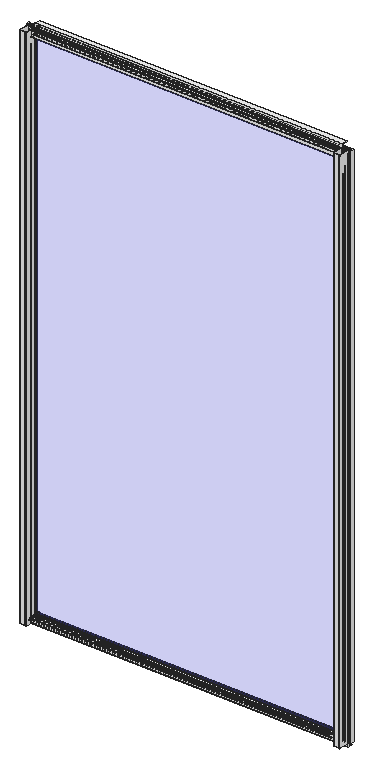
Revit family "Facade_60_Curtain_Wall_S11_Standard", category Windows, host Wall, Revit 2014
Parameters (values of type "F60-S11-3050-2000Pa")
  Windload Design [instance] = if(Custom Windload < 1001 mm, 1000 mm, if(Custom Windload < 1501 mm, 1500 mm, 2000 mm))  # 2000 mm
  Width [instance] = if(Custom Curtain Wall Width < Limit Door Width Min, Limit Door Width Min, if(Custom Curtain Wall Width > Limit Door Width Max, Limit Door Width Max, Custom Curtain Wall Width))  # 2990 mm
  Wall Thickness [instance] = 200 mm
  Vertical Profile Length [instance] = Height - Frame Bottom Gap  # 4960 mm
  URL = "http://www.crealco.co.za/crealco-products.php"
  Type Comments = ""
  Thermal Resistance (R) [instance] = if(IGDB or SAGDB Number = 100100, 1.0000 (m²·K)/W / Intruderprufe U Value, if(IGDB or SAGDB Number = 100100, 1.0000 (m²·K)/W / Intruderprufe U Value, if(IGDB or SAGDB Number = 105003, 1.0000 (m²·K)/W / Intruderprufe Insulated U Value, if(IGDB or SAGDB Number = 105004, 1.0000 (m²·K)/W / Intruderprufe Insulated LowE U Value, 1.0000 (m²·K)/W / 7.9)))) * 1  # 0.126582 (m²·K)/W
  Thermal Break Material = Plastic, Opaque Black
  Solar Heat Gain Coefficient [instance] = if(IGDB or SAGDB Number = 100100, Intruderprufe SHGC Value, if(IGDB or SAGDB Number = 103200, Intruderprufe LowE SHGC Value, if(IGDB or SAGDB Number = 105003, Intruderprufe Insulated SHGC Value, if(IGDB or SAGDB Number = 105004, Intruderprufe Insulated LowE SHGC Value, 0))))  # 0
  Single Glazing [instance] = if(DG Forced, 1 = 0, not(Double Glazing))  # yes
  Sill Height = 85 mm  # constant formula
  SG Forced [instance] = not(DG Forced)  # yes
  Quarter Expansion Break = no
  Overall Width [instance] = 2990 mm
  Overall Height [instance] = 4990 mm
  Mullion Configuration = 1 mm
  Model = "Façade 60 "  # constant formula
  Max System DG Unit Thickness = 25 mm  # constant formula
  Max System DG One Piece Thickness [instance] = rounddown((Max System DG Unit Thickness - DG Gasket Thickness) / 2 mm) * 1 mm  # 6 mm
  Max Pane Area [instance] = Glazing Width * Glazing Height  # 14.2039 m²
  Manufacturer = "Crealco"  # constant formula
  Limit Door Width Min = Limit Panel Width Min + (2 * Glazing Side Gap)  # 379.6 mm
  Limit Door Width Max = Limit Panel Width Max + (2 * Glazing Side Gap)  # 3079.6 mm
  Limit Door Height Min = Limit Panel Height Min + Glazing Top Gap + Glazing Bottom Gap  # 409.6 mm
  Limit Door Height Max = Limit Panel Height Max + Glazing Top Gap + Glazing Bottom Gap  # 6109.6 mm
  Limit Panel Width Min = 300 mm  # constant formula
  Limit Panel Width Max = 3000 mm  # constant formula
  Limit Panel Height Min = 300 mm  # constant formula
  Limit Panel Height Max = 6000 mm  # constant formula
  Sill Length [instance] = Width  # 2990 mm
  Length Sill [instance] = Width  # 2990 mm
  Keynote = ""
  Jamb Width = 60 mm  # constant formula
  Intruderprufe U Value = 5.75
  Intruderprufe SHGC Value = 0.753
  Intruderprufe LowE U Value = 3.92
  Intruderprufe LowE SHGC Value = 0.659
  Intruderprufe Insulated U Value = 2.89
  Intruderprufe Insulated SHGC Value = 0.647
  Intruderprufe Insulated LowE U Value = 2.17
  Intruderprufe Insulated LowE SHGC Value = 0.583
  Horizontal Profile Length [instance] = Width - (2 * Jamb Width)  # 2870 mm
  Half Expansion Break = no
  Glazing Width [instance] = Horizontal Profile Length + (2 mm * 20.2)  # 2910.4 mm
  Glazing Top Gap = 39.8 mm  # constant formula
  Glazing Side Gap = 39.8 mm  # constant formula
  Glazing Height [instance] = Height - Glazing Top Gap - Glazing Bottom Gap  # 4880.4 mm
  Glazing Gap SG [instance] = (14 mm - SG Thickness) / 2  # 2 mm
  Glazing Gap DG [instance] = (28 mm - (DG Thickness + DG Thickness + DG Gasket Thickness)) / 2  # 2 mm
  Glazing Bottom Gap = 69.8 mm  # constant formula
  Frame Thickness = 101.8 mm  # constant formula
  Frame Bottom Gap = 30 mm  # constant formula
  Door Leaf Height [instance] = 2050 mm
  Double Glazing [instance] = no
  DG Thickness Calc [instance] = if(not(Max Pane Area > 1.125 m²), 4 mm, if(not(Max Pane Area > 2.25 m²), 4 mm, if(not(Max Pane Area > 3.15 m²), 5 mm, if(not(Max Pane Area > 4.35 m²), 6 mm, if(not(Max Pane Area > 6.45 m²), 8 mm, 10 mm)))))  # 10 mm
  DG Thickness [instance] = if(IGDB or SAGDB Number = 105003, 6 mm, if(IGDB or SAGDB Number = 105004, 7 mm, if(DG Thickness Calc > Max System DG One Piece Thickness, Max System DG One Piece Thickness, DG Thickness Calc)))  # 6 mm
  DG Gasket Thickness = 12 mm  # constant formula
  DG Gasket Finish [instance] = Double Glazing Gasket Material
  DG Forced [instance] = if(IGDB or SAGDB Number = 100100, 1 = 0, if(IGDB or SAGDB Number = 103200, 1 = 0, if(IGDB or SAGDB Number = 105003, 1 = 1, if(IGDB or SAGDB Number = 105004, 1 = 1, Double Glazing))))  # no
  IGDB or SAGDB Number [instance] = 0
  Height [instance] = if(Custom Curtain Wall Height < Limit Door Height Min, Limit Door Height Min, if(Custom Curtain Wall Height > Limit Door Height Max, Limit Door Height Max, Custom Curtain Wall Height))  # 4990 mm
  Heat Transfer Coefficient (U) [instance] = if(IGDB or SAGDB Number = 100100, Intruderprufe U Value, if(IGDB or SAGDB Number = 103200, Intruderprufe LowE U Value, if(IGDB or SAGDB Number = 105003, Intruderprufe Insulated U Value, if(IGDB or SAGDB Number = 105004, Intruderprufe Insulated LowE U Value, 7.9)))) * 1.0000 W/(m²·K)  # 7.9000 W/(m²·K)
  SG Thickness [instance] = if(IGDB or SAGDB Number = 100100, 6 mm, if(IGDB or SAGDB Number = 103200, 7 mm, if(not(Max Pane Area > 0.75 m²), 4 mm, if(not(Max Pane Area > 1.50 m²), 4 mm, if(not(Max Pane Area > 2.10 m²), 5 mm, if(not(Max Pane Area > 2.90 m²), 6.4 mm, if(not(Max Pane Area > 4.30 m²), 8 mm, 10 mm)))))))  # 10 mm
  Glazing Material [instance] = if(IGDB or SAGDB Number = 100100, "PFG INTRUDERPRUFE 6.38mm", if(IGDB or SAGDB Number = 103200, "PFG INTRUDERPRUFE LOW-E 7.38mm", if(IGDB or SAGDB Number = 105003, "PFG 25mm INTRUDERPRUFE INSULATED GLASS", if(IGDB or SAGDB Number = 105004, "PFG 25mm INTRUDERPRUFE INSULATED GLASS LOW-E", "Unknown"))))  # "Unknown"
  Glazing Finish [instance] = Glass
  Glazing Code [instance] = if(IGDB or SAGDB Number = 100100, "LAM01", if(IGDB or SAGDB Number = 103200, "LAM01E", if(IGDB or SAGDB Number = 105003, "IGU25", if(IGDB or SAGDB Number = 105004, "IGU25E", "Unknown"))))  # "Unknown"
  Frame Offset From Exterior [instance] = if(Centered In Wall, (Wall Thickness - Frame Thickness) / 2, Custom Offset From Exterior) + 5.9 mm  # 55 mm
  Description = "Curtain wall, S11  "  # constant formula
  Default Sill Height = 0 mm
  Wall Closure = By host
  Custom Curtain Wall Width = 2990 mm
  Custom Curtain Wall Height = 4990 mm
  Custom Windload = 2000 mm
  Custom Offset From Exterior = 0 mm
  Centered In Wall [instance] = 1 = 1  # yes
  Aluminium Finish [instance] = White Powder Coated Aluminium ANP 1052
  All Available Glazing Numbers [instance] = "The rows below list the available glazing materials for this window:"  # constant formula
  190mm Mullion = if(Mullion Configuration = 3 mm, 1 = 1, 1 = 0)  # no
  160mm Mullion = if(Mullion Configuration = 2 mm, 1 = 1, 1 = 0)  # no
  105004 [instance] = "IGU25E"  # constant formula
  105003 [instance] = "IGU25"  # constant formula
  103200 [instance] = "LAM01E"  # constant formula
  100mm Mullion = if(or(Mullion Configuration = 2 mm, Mullion Configuration = 3 mm), 1 = 0, 1 = 1)  # yes
  100100 [instance] = "LAM01"  # constant formula
Reference planes
  plane 1 "Center (Front/Back)": y = 0
  plane 2 "Center (Left/Right)": x = 0
  plane 3 "Left": x = -1495
  plane 4 "Right": x = 1495
  plane 5 "Sill": z = 0
  plane 6 "Head": z = 4990
  plane 7 "Exterior": y = 100
  plane 8 "Interior": y = -100
Lines and regions (mm)
  Opening 1
    outline origin (3507.082, -100, 0) x (1, 0, 0) y (0, 0, 1)
      loop
        line (-2012.082, 0) -> (-2012.082, 4990) -> (-5002.082, 4990) -> (-5002.082, 0) -> (-2012.082, 0)
Text (mm)
  text "EXTERIOR" at (-1963.203, 1332.353, 0), in view "Ref. Level"
  text "INTERIOR" at (-1981.466, -818.386, 0), in view "Ref. Level"
  text "Exterior" at (0, 923.751, 2943.296), in view "Right"
  text "Exterior" at (0, 1040.484, 2685.409), in view "Left"
Dimensions and locks
  equal spacing: plane 3 "Left", plane 2 "Center (Left/Right)", plane 4 "Right"
  "Width": plane 3 "Left" to plane 4 "Right"
  "Height": plane 5 "Sill" to plane 6 "Head"
  "Default Sill Height": plane 5 "Sill" to level
  locked: plane 7 "Exterior" to host wall at 0
  locked: plane 8 "Interior" to host wall
  "Overall Height": plane 6 "Head" to plane 5 "Sill"
  "Overall Width": plane 3 "Left" to plane 4 "Right"
  "Wall Thickness": host wall to host wall
  "Jamb Width": nested 3 to plane 4 "Right"
  "Jamb Width": nested 5 to plane 4 "Right"
  "Frame Bottom Gap": nested 5 to level
  "Frame Offset From Exterior": nested 1 to plane 7 "Exterior"
  "Glazing Side Gap": nested 6 to plane 4 "Right"
  "Glazing Top Gap": nested 6 to plane 6 "Head"
  "Glazing Gap SG": nested 6 to nested 1
  "Glazing Side Gap": nested 7 to plane 4 "Right"
  "Glazing Top Gap": nested 7 to plane 6 "Head"
  "Glazing Gap DG": nested 7 to nested 1
  locked: nested 1 to nested 5 at 8.887
  aligned and locked: plane 4 "Right" to nested 1
  aligned and locked: nested 1 to plane 6 "Head"
  aligned and locked: plane 3 "Left" to nested 2
  aligned and locked: plane 6 "Head" to nested 2
  aligned and locked: nested 3 to plane 6 "Head"
  aligned and locked: nested 1 to nested 3
  aligned and locked: nested 4 to level
  aligned and locked: plane 4 "Right" to nested 4
  aligned and locked: nested 1 to nested 2
  aligned and locked: nested 5 to nested 4
Automatic sketch dimensions
  plane 3 "Left" to Opening 1 sketch curve = 0 mm
  plane 4 "Right" to Opening 1 sketch curve = 0 mm
  Opening 1 sketch curve to plane 5 "Sill" = 0 mm
  Opening 1 sketch curve to plane 6 "Head" = 0 mm
Nested families
  nested 1: "F60 Vertical Profile Side_S11_Std" at (1495, -1.058, 30) x (-1, 0, 0) z (0, 0, 1), Thermal Break Material <- "Thermal Break Material", Profile Material <- "Aluminium Finish", Length <- "Vertical Profile Length", Single Glazing <- "SG Forced", Double Glazing <- "DG Forced", 100mm Mullion <- "100mm Mullion", 160mm Mullion <- "160mm Mullion", 190mm Mullion <- "190mm Mullion", Quarter Expansion Break <- "Quarter Expansion Break", Half Expansion Break <- "Half Expansion Break", type "F60 Vertical Profile Side_S11_Std"
    with Thermal Break Material Plastic, Opaque Black, Single Glazing yes, Quarter SG Expansion Break no, Quarter Length 1240 mm, Quarter Expansion Break no, Quarter DG Expansion Break no, Quarter 190mm Expansion Break no, Quarter 160mm Expansion Break no, Quarter 100mm Expansion Break no, Profile Material White Powder Coated Aluminium ANP 1052, Length 4960 mm, Half SG Expansion Break no, Half Length 2480 mm, Half Expansion Break no, Half DG Expansion Break no, Half 190mm Expansion Joint no, Half 160mm Expansion Break no, Half 100mm Expansion Break no, Double Glazing no, 190mm Mullion no, 160mm Mullion no, 100mm Mullion yes
  nested 2: "F60 Vertical Profile Side_S11_Std" at (-1495, -1.058, 30), Thermal Break Material <- "Thermal Break Material", Profile Material <- "Aluminium Finish", Length <- "Vertical Profile Length", Single Glazing <- "SG Forced", Double Glazing <- "DG Forced", 100mm Mullion <- "100mm Mullion", 160mm Mullion <- "160mm Mullion", 190mm Mullion <- "190mm Mullion", Quarter Expansion Break <- "Quarter Expansion Break", Half Expansion Break <- "Half Expansion Break", type "F60 Vertical Profile Side_S11_Std"
    with Thermal Break Material Plastic, Opaque Black, Single Glazing yes, Quarter SG Expansion Break no, Quarter Length 1240 mm, Quarter Expansion Break no, Quarter DG Expansion Break no, Quarter 190mm Expansion Break no, Quarter 160mm Expansion Break no, Quarter 100mm Expansion Break no, Profile Material White Powder Coated Aluminium ANP 1052, Length 4960 mm, Half SG Expansion Break no, Half Length 2480 mm, Half Expansion Break no, Half DG Expansion Break no, Half 190mm Expansion Joint no, Half 160mm Expansion Break no, Half 100mm Expansion Break no, Double Glazing no, 190mm Mullion no, 160mm Mullion no, 100mm Mullion yes
  nested 3: "F60 Horizontal Profile Top_S11_Std" at (1435, -50.858, 4930) x (-1, 0, 0) z (0, 0, 1), Thermal Break Material <- "Thermal Break Material", Profile Material <- "Aluminium Finish", Length <- "Horizontal Profile Length", Single Glazing <- "SG Forced", Double Glazing <- "DG Forced", type "F60 Horizontal Profile Top_S11_Std"
    with Thermal Break Material Plastic, Opaque Black, Single Glazing yes, Profile Material White Powder Coated Aluminium ANP 1052, Length 2870 mm, Double Glazing no
  nested 4: "F60 Sill_S11_Std" at (1495, -13.486, -1.88) x (-1, 0, 0) z (0, 0, 1), Profile Material <- "Aluminium Finish", Length Sill <- "Length Sill", type "F60 Sill_S11_Std"
    with Profile Material White Powder Coated Aluminium ANP 1052, Length Sill 2990 mm
  nested 5: "F60 Horizontal Profile Bottom_S11_Std" at (1435, -50.858, 30) x (-1, 0, 0) z (0, 0, 1), Thermal Break Material <- "Thermal Break Material", Profile Material <- "Aluminium Finish", Length <- "Horizontal Profile Length", Single Glazing <- "SG Forced", Double Glazing <- "DG Forced", type "F60 Horizontal Profile Bottom_S11_Std"
    with Thermal Break Material Plastic, Opaque Black, Single Glazing yes, Profile Material White Powder Coated Aluminium ANP 1052, Length 2870 mm, Double Glazing no
  nested 6: "F60_Single_Glazing_S11_Std" at (1455.2, 10.942, 69.8), Glazing Width <- "Glazing Width", Glazing Height <- "Glazing Height", SG Thickness <- "SG Thickness", Glazing Finish <- "Glazing Finish", visible <- "SG Forced", type "F60_Single_Glazing_S11_Std"
    with SG Thickness 10 mm, Glazing Width 2910.4 mm, Glazing Height 4880.4 mm, Glazing Finish Glass
  nested 7: "F60_Double_Glazing_S11_Std" at (1455.2, 24.942, 69.8), Glazing Material <- "Glazing Finish", Double Glazing Gasket Material <- "DG Gasket Finish", Glazing Width <- "Glazing Width", Glazing Height <- "Glazing Height", Glazing Thickness DG <- "DG Thickness", Double Glazing Gasket Thickness <- "DG Gasket Thickness", visible <- "DG Forced", type "F60_Double_Glazing_S11_Std"
    with Glazing Width 2910.4 mm, Glazing Thickness DG 6 mm, Glazing Material Glass, Glazing Height 4880.4 mm, Double Glazing Gasket Thickness 12 mm, Double Glazing Gasket Material Double Glazing Gasket Material
Definition of nested family "F60 Vertical Profile Side_S11_Std"
  Parameters (values of type "F60 Vertical Profile Side")
    Quarter SG Expansion Break [instance] = if(and(Quarter Expansion Break, Single Glazing), 1 = 1, 1 = 0)  # yes
    Quarter Length [instance] = Length / 4  # 62.5 mm
    Thermal Break Material [instance] = none
    Single Glazing [instance] = yes
    Quarter Expansion Break [instance] = yes
    Quarter DG Expansion Break [instance] = if(and(Quarter Expansion Break, Double Glazing), 1 = 1, 1 = 0)  # yes
    Quarter 190mm Expansion Break [instance] = if(and(Quarter Expansion Break, [190mm Mullion]), 1 = 1, 1 = 0)  # yes
    Quarter 160mm Expansion Break [instance] = if(and(Quarter Expansion Break, [160mm Mullion]), 1 = 1, 1 = 0)  # yes
    Quarter 100mm Expansion Break [instance] = if(and(Quarter Expansion Break, [100mm Mullion]), 1 = 1, 1 = 0)  # yes
    Profile Material [instance] = none
    Length [instance] = 250 mm
    Half SG Expansion Break [instance] = if(and(Half Expansion Break, Single Glazing), 1 = 1, 1 = 0)  # yes
    Half Length [instance] = Length / 2  # 125 mm
    Half Expansion Break [instance] = yes
    Half DG Expansion Break [instance] = if(and(Half Expansion Break, Double Glazing), 1 = 1, 1 = 0)  # yes
    Half 190mm Expansion Joint [instance] = if(and(Half Expansion Break, [190mm Mullion]), 1 = 1, 1 = 0)  # yes
    Half 160mm Expansion Break [instance] = if(and(Half Expansion Break, [160mm Mullion]), 1 = 1, 1 = 0)  # yes
    Half 100mm Expansion Break [instance] = if(and(Half Expansion Break, [100mm Mullion]), 1 = 1, 1 = 0)  # yes
    Double Glazing [instance] = yes
    190mm Mullion [instance] = yes
    160mm Mullion [instance] = yes
    100mm Mullion [instance] = yes
  Reference planes
    plane 1 "Center (Front/Back)": y = 0
    plane 2: z = 0
    plane 3 "Center (Left/Right)": x = 0
  Forms (mm)
    Extrusion 1, solid, material <- "Profile Material"
      sketch origin (0, 0, 0) x (1, 0, 0) y (0, 1, 0)
        loop
          arc (25.249, -8.7) -> (25.484, -9.266) -> (26.049, -9.5) r 0.8
          line (26.049, -9.5) -> (27.1, -9.5) -> (27.1, 7) -> (32.902, 7) -> (32.902, -9.5) -> (33.951, -9.5)
          arc (33.951, -9.5) -> (34.516, -9.266) -> (34.751, -8.7) r 0.8
          line (34.751, -8.7) -> (34.751, 6.2)
          arc (34.751, 6.2) -> (34.985, 6.766) -> (35.551, 7) r 0.8
          line (35.551, 7) -> (52.1, 7) -> (52.1, 5.4) -> (50.55, 5.4) -> (50.55, 4.55)
          arc (50.55, 4.55) -> (50.726, 4.126) -> (51.15, 3.95) r 0.6
          line (51.15, 3.95) -> (52.1, 3.95) -> (52.1, 1)
          arc (52.1, 1) -> (51.6, 0.5) -> (52.1, 0) r 0.5
          line (52.1, 0) -> (54.45, 0) -> (54.45, 1.15) -> (53.3, 1.15) -> (53.3, 2.45) -> (58.8, 2.45) -> (58.8, 1.15) -> (57.65, 1.15) -> (57.65, 0) -> (59.5, 0)
          arc (59.5, 0) -> (59.854, 0.146) -> (60, 0.5) r 0.5
          line (60, 0.5) -> (60, 3.9) -> (53.55, 3.9) -> (53.55, 7.6)
          arc (53.55, 7.6) -> (53.316, 8.166) -> (52.75, 8.4) r 0.8
          line (52.75, 8.4) -> (30, 8.4) -> (7.25, 8.4)
          arc (7.25, 8.4) -> (6.684, 8.166) -> (6.45, 7.6) r 0.8
          line (6.45, 7.6) -> (6.45, 3.9) -> (0, 3.9) -> (0, 0.5)
          arc (0, 0.5) -> (0.146, 0.146) -> (0.5, 0) r 0.5
          line (0.5, 0) -> (2.35, 0) -> (2.35, 1.15) -> (1.2, 1.15) -> (1.2, 2.45) -> (6.7, 2.45) -> (6.7, 1.15) -> (5.55, 1.15) -> (5.55, 0) -> (7.9, 0)
          arc (7.9, 0) -> (8.4, 0.5) -> (7.9, 1) r 0.5
          line (7.9, 1) -> (7.9, 3.95) -> (8.85, 3.95)
          arc (8.85, 3.95) -> (9.274, 4.126) -> (9.45, 4.55) r 0.6
          line (9.45, 4.55) -> (9.45, 5.4) -> (7.9, 5.4) -> (7.9, 7) -> (24.449, 7)
          arc (24.449, 7) -> (25.015, 6.766) -> (25.249, 6.2) r 0.8
          line (25.249, 6.2) -> (25.249, -8.7)
      from 0 to 250 <- "Length"
    Extrusion 2, solid, material <- "Thermal Break Material"
      sketch origin (0, 0, 0) x (1, 0, 0) y (0, 1, 0)
        loop
          line (1.75, 9.8) -> (1.75, 5.2) -> (0, 5.2) -> (0, 3.9) -> (6.35, 3.9) -> (6.35, 7.856)
          arc (6.35, 7.856) -> (6.526, 8.281) -> (6.95, 8.456) r 0.6
          line (6.95, 8.456) -> (30, 8.456) -> (53.05, 8.456)
          arc (53.05, 8.456) -> (53.474, 8.281) -> (53.65, 7.856) r 0.6
          line (53.65, 7.856) -> (53.65, 3.9) -> (60, 3.9) -> (60, 5.2) -> (58.25, 5.2) -> (58.25, 9.8) -> (30, 9.8) -> (1.75, 9.8)
      from 0 to 250 <- "Length"
    Extrusion 3, solid, material <- "Thermal Break Material", visible <- "Single Glazing"
      sketch origin (0, 0, 0) x (1, 0, 0) y (0, 1, 0)
        loop
          line (25.749, -14.011) -> (27.672, -14.011) -> (28.481, -12.611) -> (31.518, -12.611) -> (32.327, -14.011) -> (34.249, -14.011)
          arc (34.249, -14.011) -> (34.603, -13.864) -> (34.749, -13.511) r 0.5
          line (34.749, -13.511) -> (34.749, -10.011)
          arc (34.749, -10.011) -> (34.603, -9.657) -> (34.249, -9.511) r 0.5
          line (34.249, -9.511) -> (32.352, -9.511) -> (32.352, 0.19) -> (31.349, 2.261)
          arc (31.349, 2.261) -> (29.999, 2.986) -> (28.649, 2.261) r 1.62
          line (28.649, 2.261) -> (27.647, 0.19) -> (27.647, -9.511) -> (25.749, -9.511)
          arc (25.749, -9.511) -> (25.396, -9.657) -> (25.249, -10.011) r 0.5
          line (25.249, -10.011) -> (25.249, -13.511)
          arc (25.249, -13.511) -> (25.396, -13.864) -> (25.749, -14.011) r 0.5
        loop
          line (28.504, -10.005) -> (28.504, -10.861)
          arc (28.504, -10.861) -> (28.651, -11.214) -> (29.004, -11.361) r 0.5
          line (29.004, -11.361) -> (30.994, -11.361)
          arc (30.994, -11.361) -> (31.348, -11.214) -> (31.494, -10.861) r 0.5
          line (31.494, -10.861) -> (31.494, -10.005) -> (30.708, -9.219)
          arc (30.708, -9.219) -> (30.383, -9.001) -> (29.999, -8.924) r 1.007
          arc (29.999, -8.924) -> (29.616, -8.999) -> (29.292, -9.217) r 0.986
          line (29.292, -9.217) -> (28.504, -10.005)
        loop
          arc (30.896, 1.935) -> (29.887, 2.44) -> (29.005, 1.735) r 1.047
          line (29.005, 1.735) -> (28.347, 0.374) -> (28.347, -6.993)
          arc (28.347, -6.993) -> (28.583, -7.417) -> (29.068, -7.441) r 0.5
          arc (29.068, -7.441) -> (29.999, -7.223) -> (30.93, -7.441) r 2.099
          arc (30.93, -7.441) -> (31.416, -7.417) -> (31.652, -6.993) r 0.5
          line (31.652, -6.993) -> (31.652, 0.374) -> (30.896, 1.935)
      from 0 to 250 <- "Length"
    Extrusion 4, solid, material <- "Profile Material", visible <- "Single Glazing"
      sketch origin (0, 0, 0) x (1, 0, 0) y (0, 1, 0)
        loop
          line (52.693, -14.011) -> (32.327, -14.011) -> (31.519, -12.611) -> (28.481, -12.611) -> (27.673, -14.011) -> (7.307, -14.011) -> (7.307, -15.011) -> (8.457, -15.011) -> (8.457, -16.261) -> (2.957, -16.261) -> (2.957, -15.011) -> (4.107, -15.011) -> (4.107, -14.011) -> (1.707, -14.011)
          arc (1.707, -14.011) -> (1.199, -14.293) -> (1.168, -14.873) r 0.6
          line (1.168, -14.873) -> (2.093, -16.772) -> (1.015, -17.298) -> (1.484, -18.261) -> (11.488, -18.261)
          arc (11.488, -18.261) -> (11.913, -18.085) -> (12.088, -17.661) r 0.6
          line (12.088, -17.661) -> (12.088, -16.811) -> (47.912, -16.811) -> (47.912, -17.661)
          arc (47.912, -17.661) -> (48.088, -18.085) -> (48.512, -18.261) r 0.6
          line (48.512, -18.261) -> (58.518, -18.261) -> (58.987, -17.298) -> (57.908, -16.772) -> (58.834, -14.874)
          arc (58.834, -14.874) -> (58.802, -14.293) -> (58.293, -14.011) r 0.6
          line (58.293, -14.011) -> (55.893, -14.011) -> (55.893, -15.011) -> (57.043, -15.011) -> (57.043, -16.261) -> (51.543, -16.261) -> (51.543, -15.011) -> (52.693, -15.011) -> (52.693, -14.011)
      from 0 to 250 <- "Length"
    Extrusion 5, solid, material <- "Profile Material", visible <- "Single Glazing"
      sketch origin (0, 0, 0) x (1, 0, 0) y (0, 1, 0)
        loop
          line (2.801, -18.261) -> (1.484, -18.261) -> (1.015, -17.298) -> (2.093, -16.772) -> (0.779, -14.076)
          arc (0.779, -14.076) -> (0.239, -14.21) -> (0.001, -14.713) r 0.65
          line (0.001, -14.713) -> (0.001, -28.068)
          arc (0.001, -28.068) -> (1.172, -30.897) -> (4.001, -32.068) r 4
          line (4.001, -32.068) -> (30.001, -32.068) -> (56.001, -32.068)
          arc (56.001, -32.068) -> (58.829, -30.897) -> (60.001, -28.068) r 4
          line (60.001, -28.068) -> (60.001, -14.713)
          arc (60.001, -14.713) -> (59.763, -14.21) -> (59.223, -14.076) r 0.65
          line (59.223, -14.076) -> (57.908, -16.772) -> (58.987, -17.298) -> (58.518, -18.261) -> (57.201, -18.261)
          arc (57.201, -18.261) -> (56.83, -18.425) -> (56.703, -18.811) r 0.5
          arc (56.703, -18.811) -> (56.83, -19.196) -> (57.201, -19.361) r 0.5
          line (57.201, -19.361) -> (58.951, -19.361) -> (58.951, -27.968)
          arc (58.951, -27.968) -> (58.131, -29.948) -> (56.151, -30.768) r 2.8
          line (56.151, -30.768) -> (30.001, -30.768) -> (3.851, -30.768)
          arc (3.851, -30.768) -> (1.871, -29.948) -> (1.051, -27.968) r 2.8
          line (1.051, -27.968) -> (1.051, -19.361) -> (2.801, -19.361)
          arc (2.801, -19.361) -> (3.172, -19.196) -> (3.298, -18.811) r 0.5
          arc (3.298, -18.811) -> (3.172, -18.425) -> (2.801, -18.261) r 0.5
      from 0 to 250 <- "Length"
    Extrusion 6, solid, material <- "Profile Material", visible <- "100mm Mullion"
      sketch origin (0, 0, 0) x (1, 0, 0) y (0, 1, 0)
        loop
          line (14.02, 13) -> (45.98, 13)
          arc (45.98, 13) -> (46.539, 12.842) -> (46.917, 12.4) r 1
          arc (46.917, 12.4) -> (47.285, 11.963) -> (47.833, 11.8) r 1
          line (47.833, 11.8) -> (58.15, 11.8) -> (58.15, 96.3) -> (47.833, 96.3)
          arc (47.833, 96.3) -> (47.285, 96.137) -> (46.917, 95.7) r 1
          arc (46.917, 95.7) -> (46.548, 95.263) -> (46, 95.1) r 1
          line (46, 95.1) -> (14, 95.1)
          arc (14, 95.1) -> (13.452, 95.263) -> (13.083, 95.7) r 1
          arc (13.083, 95.7) -> (12.715, 96.137) -> (12.167, 96.3) r 1
          line (12.167, 96.3) -> (1.85, 96.3) -> (1.85, 11.8) -> (12.167, 11.8)
          arc (12.167, 11.8) -> (12.715, 11.963) -> (13.083, 12.4) r 1
          arc (13.083, 12.4) -> (13.461, 12.842) -> (14.02, 13) r 1
        loop
          line (1.65, 9.856) -> (58.35, 9.856) -> (58.35, 5.2) -> (60, 5.2) -> (60, 98.8)
          arc (60, 98.8) -> (59.707, 99.507) -> (59, 99.8) r 1
          line (59, 99.8) -> (1, 99.8)
          arc (1, 99.8) -> (0.293, 99.507) -> (0, 98.8) r 1
          line (0, 98.8) -> (0, 5.2) -> (1.65, 5.2) -> (1.65, 9.856)
      from 0 to 250 <- "Length"
    Extrusion 7, solid, material <- "Profile Material", visible <- "160mm Mullion"
      sketch origin (0, 0, 0) x (1, 0, 0) y (0, 1, 0)
        loop
          arc (2.35, 15.6) -> (2.526, 15.176) -> (2.95, 15) r 0.6
          line (2.95, 15) -> (57.05, 15)
          arc (57.05, 15) -> (57.474, 15.176) -> (57.65, 15.6) r 0.6
          line (57.65, 15.6) -> (57.65, 153.7)
          arc (57.65, 153.7) -> (57.474, 154.124) -> (57.05, 154.3) r 0.6
          line (57.05, 154.3) -> (47.833, 154.3)
          arc (47.833, 154.3) -> (47.285, 154.137) -> (46.917, 153.7) r 1
          arc (46.917, 153.7) -> (46.548, 153.263) -> (46, 153.1) r 1
          line (46, 153.1) -> (14, 153.1)
          arc (14, 153.1) -> (13.452, 153.263) -> (13.083, 153.7) r 1
          arc (13.083, 153.7) -> (12.715, 154.137) -> (12.167, 154.3) r 1
          line (12.167, 154.3) -> (2.95, 154.3)
          arc (2.95, 154.3) -> (2.526, 154.124) -> (2.35, 153.7) r 0.6
          line (2.35, 153.7) -> (2.35, 15.6)
        loop
          arc (1, 159.8) -> (0.293, 159.507) -> (0, 158.8) r 1
          line (0, 158.8) -> (0, 5.2) -> (1.65, 5.2) -> (1.65, 10.013) -> (58.35, 10.013) -> (58.35, 5.2) -> (60, 5.2) -> (60, 158.8)
          arc (60, 158.8) -> (59.707, 159.507) -> (59, 159.8) r 1
          line (59, 159.8) -> (1, 159.8)
      from 0 to 250 <- "Length"
    Extrusion 8, solid, material <- "Profile Material", visible <- "190mm Mullion"
      sketch origin (0, 0, 0) x (1, 0, 0) y (0, 1, 0)
        loop
          line (57.25, 15.1) -> (57.25, 178.3)
          arc (57.25, 178.3) -> (56.957, 179.007) -> (56.25, 179.3) r 1
          line (56.25, 179.3) -> (3.75, 179.3)
          arc (3.75, 179.3) -> (3.043, 179.007) -> (2.75, 178.3) r 1
          line (2.75, 178.3) -> (2.75, 15.1)
          arc (2.75, 15.1) -> (2.984, 14.534) -> (3.55, 14.3) r 0.8
          line (3.55, 14.3) -> (56.45, 14.3)
          arc (56.45, 14.3) -> (57.016, 14.534) -> (57.25, 15.1) r 0.8
        loop
          line (60, 5.2) -> (60, 188.8)
          arc (60, 188.8) -> (59.707, 189.507) -> (59, 189.8) r 1
          line (59, 189.8) -> (1, 189.8)
          arc (1, 189.8) -> (0.293, 189.507) -> (0, 188.8) r 1
          line (0, 188.8) -> (0, 5.2) -> (1.65, 5.2) -> (1.65, 9.856) -> (58.35, 9.856) -> (58.35, 5.2) -> (60, 5.2)
      from 0 to 250 <- "Length"
    Extrusion 9, solid, material <- "Thermal Break Material", visible <- "Double Glazing"
      sketch origin (0, 0, 0) x (1, 0, 0) y (0, 1, 0)
        loop
          line (27.672, -28) -> (28.48, -26.6) -> (31.518, -26.6) -> (32.326, -28) -> (34.249, -28)
          arc (34.249, -28) -> (34.603, -27.854) -> (34.749, -27.5) r 0.5
          line (34.749, -27.5) -> (34.749, -10)
          arc (34.749, -10) -> (34.603, -9.646) -> (34.249, -9.5) r 0.5
          line (34.249, -9.5) -> (32.352, -9.5) -> (32.352, 0.198) -> (31.348, 2.272)
          arc (31.348, 2.272) -> (29.998, 2.997) -> (28.648, 2.272) r 1.62
          line (28.648, 2.272) -> (27.645, 0.201) -> (27.645, -9.5) -> (25.749, -9.5)
          arc (25.749, -9.5) -> (25.396, -9.646) -> (25.249, -10) r 0.5
          line (25.249, -10) -> (25.249, -27.5)
          arc (25.249, -27.5) -> (25.396, -27.854) -> (25.749, -28) r 0.5
          line (25.749, -28) -> (27.672, -28)
        loop
          arc (30.706, -9.206) -> (30.382, -8.99) -> (29.999, -8.913) r 1.007
          arc (29.999, -8.913) -> (29.616, -8.988) -> (29.292, -9.206) r 0.986
          line (29.292, -9.206) -> (27.142, -11.356)
          arc (27.142, -11.356) -> (26.926, -11.68) -> (26.849, -12.063) r 1
          line (26.849, -12.063) -> (26.849, -24)
          arc (26.849, -24) -> (27.142, -24.707) -> (27.849, -25) r 1
          line (27.849, -25) -> (32.149, -25)
          arc (32.149, -25) -> (32.856, -24.707) -> (33.149, -24) r 1
          line (33.149, -24) -> (33.149, -12.063)
          arc (33.149, -12.063) -> (33.073, -11.68) -> (32.856, -11.356) r 1
          line (32.856, -11.356) -> (30.706, -9.206)
        loop
          arc (28.345, -6.982) -> (28.581, -7.407) -> (29.067, -7.43) r 0.5
          arc (29.067, -7.43) -> (29.998, -7.213) -> (30.929, -7.43) r 2.099
          arc (30.929, -7.43) -> (31.414, -7.407) -> (31.651, -6.982) r 0.5
          line (31.651, -6.982) -> (31.651, 0.385) -> (30.895, 1.946)
          arc (30.895, 1.946) -> (29.885, 2.45) -> (29.004, 1.745) r 1.047
          line (29.004, 1.745) -> (28.345, 0.385) -> (28.345, -6.982)
      from 0 to 250 <- "Length"
    Extrusion 10, solid, material <- "Profile Material", visible <- "Double Glazing"
      sketch origin (0, 0, 0) x (1, 0, 0) y (0, 1, 0)
        loop
          line (52.692, -28) -> (32.327, -28) -> (31.518, -26.6) -> (28.48, -26.6) -> (27.672, -28) -> (7.306, -28) -> (7.306, -29) -> (8.456, -29) -> (8.456, -30.25) -> (2.956, -30.25) -> (2.956, -29) -> (4.106, -29) -> (4.106, -28) -> (1.706, -28)
          arc (1.706, -28) -> (1.198, -28.282) -> (1.167, -28.863) r 0.6
          line (1.167, -28.863) -> (2.093, -30.762) -> (1.014, -31.288) -> (1.483, -32.25) -> (11.488, -32.25)
          arc (11.488, -32.25) -> (11.912, -32.074) -> (12.088, -31.65) r 0.6
          line (12.088, -31.65) -> (12.088, -30.8) -> (47.911, -30.8) -> (47.911, -31.65)
          arc (47.911, -31.65) -> (48.087, -32.074) -> (48.511, -32.25) r 0.6
          line (48.511, -32.25) -> (58.517, -32.25) -> (58.986, -31.288) -> (57.907, -30.762) -> (58.833, -28.864)
          arc (58.833, -28.864) -> (58.801, -28.282) -> (58.292, -28) r 0.6
          line (58.292, -28) -> (55.892, -28) -> (55.892, -29) -> (57.042, -29) -> (57.042, -30.25) -> (51.542, -30.25) -> (51.542, -29) -> (52.692, -29) -> (52.692, -28)
      from 0 to 250 <- "Length"
    Extrusion 11, solid, material <- "Profile Material", visible <- "Double Glazing"
      sketch origin (0, 0, 0) x (1, 0, 0) y (0, 1, 0)
        loop
          line (2.8, -32.25) -> (1.483, -32.25) -> (1.014, -31.288) -> (2.093, -30.762) -> (0.778, -28.065)
          arc (0.778, -28.065) -> (0.238, -28.2) -> (0, -28.702) r 0.65
          line (0, -28.702) -> (0, -42.058)
          arc (0, -42.058) -> (1.172, -44.886) -> (4, -46.058) r 4
          line (4, -46.058) -> (30, -46.058) -> (56, -46.058)
          arc (56, -46.058) -> (58.828, -44.886) -> (60, -42.058) r 4
          line (60, -42.058) -> (60, -28.702)
          arc (60, -28.702) -> (59.762, -28.2) -> (59.222, -28.065) r 0.65
          line (59.222, -28.065) -> (57.907, -30.762) -> (58.986, -31.288) -> (58.517, -32.25) -> (57.2, -32.25)
          arc (57.2, -32.25) -> (56.829, -32.415) -> (56.703, -32.8) r 0.5
          arc (56.703, -32.8) -> (56.829, -33.185) -> (57.2, -33.35) r 0.5
          line (57.2, -33.35) -> (58.95, -33.35) -> (58.95, -41.958)
          arc (58.95, -41.958) -> (58.13, -43.938) -> (56.15, -44.758) r 2.8
          line (56.15, -44.758) -> (30, -44.758) -> (3.85, -44.758)
          arc (3.85, -44.758) -> (1.87, -43.938) -> (1.05, -41.958) r 2.8
          line (1.05, -41.958) -> (1.05, -33.35) -> (2.8, -33.35)
          arc (2.8, -33.35) -> (3.171, -33.185) -> (3.297, -32.8) r 0.5
          arc (3.297, -32.8) -> (3.171, -32.415) -> (2.8, -32.25) r 0.5
      from 0 to 250 <- "Length"
    Extrusion 12, solid, material <- "Profile Material", visible <- "Single Glazing"
      sketch origin (0, 0, 0) x (1, 0, 0) y (0, 1, 0)
        loop
          line (10.403, -10.171) -> (10.403, -3.821) -> (-21.349, -3.821) -> (-21.349, -35.567) -> (-14.999, -35.567) -> (-14.999, -10.171) -> (10.403, -10.171)
      from 0 to 250 <- "Length"
    Extrusion 13, solid, material <- "Profile Material", visible <- "Double Glazing"
      sketch origin (0, 0, 0) x (1, 0, 0) y (0, 1, 0)
        loop
          line (10.402, -7.775) -> (10.402, -1.425) -> (-21.35, -1.425) -> (-21.35, -33.172) -> (-15, -33.172) -> (-15, -7.775) -> (10.402, -7.775)
      from 0 to 250 <- "Length"
    Extrusion 14, solid, material <- "Profile Material", visible <- "Double Glazing"
      sketch origin (0, 0, 0) x (1, 0, 0) y (0, 1, 0)
        loop
          line (12, -7.775) -> (0, -7.775) -> (0, -25.775) -> (12, -25.775) -> (12, -7.775)
        loop
          line (10.8, -8.975) -> (1.2, -8.975) -> (1.2, -24.575) -> (10.8, -24.575) -> (10.8, -8.975)
      from 0 to 250 <- "Length"
  Lines and regions (mm)
    model lines, style "GenericModelHiddenLines", visible <- "Half 100mm Expansion Break"
      curve 1: line (60, 5.2, 125) -> (60, 95.2, 125)
      curve 2: line (60, 99.8, 125) -> (0, 99.8, 125)
      curve 8: line (0, 5.2, 125) -> (0, 95.2, 125)
    model lines, style "GenericModelHiddenLines", visible <- "Quarter 100mm Expansion Break"
      curve 3: line (60, 5.2, 187.5) -> (60, 95.2, 187.5)
      curve 4: line (60, 5.2, 62.5) -> (60, 95.2, 62.5)
      curve 5: line (60, 99.8, 62.5) -> (0, 99.8, 62.5)
      curve 6: line (60, 99.8, 187.5) -> (0, 99.8, 187.5)
      curve 7: line (0, 5.2, 187.5) -> (0, 95.2, 187.5)
      curve 9: line (0, 5.2, 62.5) -> (0, 95.2, 62.5)
    model lines, style "GenericModelHiddenLines", visible <- "Half SG Expansion Break"
      curve 10: line (4.107, -32.068, 125) -> (55.893, -32.068, 125)
      curve 14: line (60.001, -14.011, 125) -> (60.001, -32.068, 125)
    model lines, style "GenericModelHiddenLines", visible <- "Quarter SG Expansion Break"
      curve 11: line (4.107, -32.068, 187.5) -> (56.703, -32.068, 187.5)
      curve 12: line (4.107, -32.068, 62.5) -> (56.703, -32.068, 62.5)
      curve 13: line (60.001, -14.011, 187.5) -> (60.001, -32.068, 187.5)
      curve 15: line (60.001, -14.011, 62.5) -> (60.001, -32.068, 62.5)
    model lines, style "GenericModelHiddenLines", visible <- "Quarter 160mm Expansion Break"
      curve 16: line (0, 5.2, 187.5) -> (0, 155.2, 187.5)
      curve 18: line (0, 5.2, 62.5) -> (0, 155.2, 62.5)
      curve 19: line (0, 159.8, 187.5) -> (60, 159.8, 187.5)
      curve 21: line (0, 159.8, 62.5) -> (60, 159.8, 62.5)
      curve 22: line (60, 5.2, 187.5) -> (60, 155.2, 187.5)
      curve 24: line (60, 5.2, 62.5) -> (60, 155.2, 62.5)
    model lines, style "GenericModelHiddenLines", visible <- "Half 160mm Expansion Break"
      curve 17: line (0, 5.2, 125) -> (0, 155.2, 125)
      curve 20: line (0, 159.8, 125) -> (60, 159.8, 125)
      curve 23: line (60, 5.2, 125) -> (60, 155.2, 125)
    model lines, style "GenericModelHiddenLines", visible <- "Quarter 190mm Expansion Break"
      curve 25: line (0, 5.2, 187.5) -> (0, 185.2, 187.5)
      curve 27: line (0, 5.2, 62.5) -> (0, 185.2, 62.5)
      curve 28: line (0.779, 189.8, 187.5) -> (59.222, 189.8, 187.5)
      curve 30: line (0.779, 189.8, 62.5) -> (59.222, 189.8, 62.5)
      curve 31: line (60, 5.2, 187.5) -> (60, 185.2, 187.5)
      curve 33: line (60, 5.2, 62.5) -> (60, 185.2, 62.5)
    model lines, style "GenericModelHiddenLines", visible <- "Half 190mm Expansion Joint"
      curve 26: line (0, 5.2, 125) -> (0, 185.2, 125)
      curve 29: line (0.779, 189.8, 125) -> (59.222, 189.8, 125)
      curve 32: line (60, 5.2, 125) -> (60, 185.2, 125)
    model lines, style "GenericModelHiddenLines", visible <- "Quarter DG Expansion Break"
      curve 34: line (60, -28.065, 187.5) -> (60, -46.074, 187.5)
      curve 36: line (60, -28.065, 62.5) -> (60, -46.027, 62.5)
      curve 37: line (59.222, -46.058, 187.5) -> (0.779, -46.058, 187.5)
      curve 39: line (59.222, -46.058, 62.5) -> (0.779, -46.058, 62.5)
    model lines, style "GenericModelHiddenLines", visible <- "Half DG Expansion Break"
      curve 35: line (60, -28.065, 125) -> (60, -46.074, 125)
      curve 38: line (59.222, -46.058, 125) -> (0.779, -46.058, 125)
  Dimensions and locks
    "Half Length": curve 1 to level
    "Half Length": level to curve 2
    "Quarter Length": curve 4 to level
    "Quarter Length": Extrusion 8 to curve 3
    "Quarter Length": level to curve 5
    "Quarter Length": curve 6 to Extrusion 6
    "Quarter Length": curve 9 to level
    "Half Length": curve 8 to level
    "Quarter Length": Extrusion 8 to curve 7
    "Quarter Length": curve 12 to level
    "Half Length": curve 10 to level
    "Quarter Length": Extrusion 5 to curve 11
    "Quarter Length": curve 15 to level
    "Half Length": curve 14 to level
    "Quarter Length": Extrusion 5 to curve 13
    "Quarter Length": Extrusion 7 to curve 18
    "Half Length": Extrusion 7 to curve 17
    "Quarter Length": Extrusion 7 to curve 16
    "Quarter Length": Extrusion 7 to curve 21
    "Quarter Length": curve 19 to Extrusion 7
    "Half Length": Extrusion 7 to curve 20
    "Quarter Length": Extrusion 7 to curve 24
    "Quarter Length": Extrusion 7 to curve 22
    "Half Length": Extrusion 7 to curve 23
    "Quarter Length": Extrusion 8 to curve 27
    "Quarter Length": Extrusion 8 to curve 25
    "Half Length": Extrusion 8 to curve 26
    "Quarter Length": Extrusion 8 to curve 30
    "Quarter Length": curve 28 to Extrusion 8
    "Half Length": Extrusion 8 to curve 29
    "Quarter Length": Extrusion 8 to curve 33
    "Quarter Length": Extrusion 8 to curve 31
    "Half Length": Extrusion 8 to curve 32
    "Quarter Length": Extrusion 11 to curve 36
    "Quarter Length": Extrusion 11 to curve 34
    "Half Length": Extrusion 11 to curve 35
    "Quarter Length": Extrusion 11 to curve 37
    "Quarter Length": curve 39 to Extrusion 11
    "Half Length": curve 38 to Extrusion 11
    aligned and locked: level to plane 2
  Automatic sketch dimensions
    Extrusion 1 sketch curve to plane 3 "Center (Left/Right)" = 0 mm
    plane 1 "Center (Front/Back)" to Extrusion 1 sketch curve = 0 mm  (x4)
    plane 3 "Center (Left/Right)" to Extrusion 1 sketch curve = 0.5 mm
    Extrusion 1 sketch curve to Extrusion 1 sketch curve = 0.7 mm  (x2)
    Extrusion 1 sketch curve to Extrusion 1 sketch curve = 1.15 mm  (x4)
    Extrusion 1 sketch curve to Extrusion 1 sketch curve = 3.2 mm  (x2)
    Extrusion 1 sketch curve to Extrusion 1 sketch curve = 0.9 mm
    Extrusion 1 sketch curve to Extrusion 1 sketch curve = 0.25 mm
    Extrusion 1 sketch curve to Extrusion 1 sketch curve = 0.8 mm  (x7)
    Extrusion 1 sketch curve to Extrusion 1 sketch curve = 1.45 mm  (x2)
    Extrusion 1 sketch curve to Extrusion 1 sketch curve = 0.65 mm  (x3)
    Extrusion 1 sketch curve to Extrusion 1 sketch curve = 0.95 mm  (x3)
    Extrusion 1 sketch curve to Extrusion 1 sketch curve = 0.6 mm  (x3)
    Extrusion 1 sketch curve to plane 1 "Center (Front/Back)" = 7 mm
    Extrusion 1 sketch curve to Extrusion 1 sketch curve = 14.999 mm  (x2)
    plane 1 "Center (Front/Back)" to Extrusion 1 sketch curve = 8.7 mm
    Extrusion 1 sketch curve to Extrusion 1 sketch curve = 1.85 mm
    Extrusion 1 sketch curve to Extrusion 1 sketch curve = 2.9 mm
    Extrusion 1 sketch curve to Extrusion 1 sketch curve = 5.802 mm
    Extrusion 1 sketch curve to Extrusion 1 sketch curve = 1.049 mm
    Extrusion 1 sketch curve to plane 1 "Center (Front/Back)" = 4.55 mm
    Extrusion 1 sketch curve to plane 1 "Center (Front/Back)" = 0.5 mm  (x3)
    Extrusion 1 sketch curve to Extrusion 1 sketch curve = 1.2 mm
    Extrusion 1 sketch curve to plane 1 "Center (Front/Back)" = 1.15 mm  (x2)
    Extrusion 1 sketch curve to Extrusion 1 sketch curve = 0 mm
    Extrusion 1 sketch curve to Extrusion 1 sketch curve = 1.3 mm  (x2)
    Extrusion 1 sketch curve to Extrusion 1 sketch curve = 0.05 mm  (x2)
    Extrusion 1 sketch curve to Extrusion 1 sketch curve = 0.85 mm  (x2)
    Extrusion 1 sketch curve to plane 1 "Center (Front/Back)" = 6.2 mm
    Extrusion 2 sketch curve to plane 3 "Center (Left/Right)" = 0 mm
    plane 3 "Center (Left/Right)" to Extrusion 2 sketch curve = 1.75 mm
    Extrusion 2 sketch curve to Extrusion 2 sketch curve = 4.6 mm  (x4)
    Extrusion 2 sketch curve to Extrusion 2 sketch curve = 0.6 mm  (x2)
    Extrusion 2 sketch curve to plane 1 "Center (Front/Back)" = 9.8 mm
    Extrusion 2 sketch curve to Extrusion 2 sketch curve = 23.05 mm  (x2)
    Extrusion 2 sketch curve to Extrusion 2 sketch curve = 0 mm
    Extrusion 2 sketch curve to plane 1 "Center (Front/Back)" = 8.456 mm
    Extrusion 2 sketch curve to Extrusion 2 sketch curve = 1.75 mm
    Extrusion 2 sketch curve to plane 1 "Center (Front/Back)" = 3.9 mm  (x2)
    plane 3 "Center (Left/Right)" to Extrusion 3 sketch curve = 25.249 mm
    Extrusion 3 sketch curve to Extrusion 3 sketch curve = 0.5 mm  (x6)
    Extrusion 3 sketch curve to plane 1 "Center (Front/Back)" = 0.19 mm  (x2)
    Extrusion 3 sketch curve to Extrusion 3 sketch curve = 1.897 mm  (x2)
    Extrusion 3 sketch curve to Extrusion 3 sketch curve = 1.922 mm  (x2)
    Extrusion 3 sketch curve to plane 1 "Center (Front/Back)" = 0.374 mm  (x2)
    Extrusion 3 sketch curve to Extrusion 3 sketch curve = 0.7 mm  (x2)
    plane 1 "Center (Front/Back)" to Extrusion 3 sketch curve = 12.611 mm
    Extrusion 3 sketch curve to Extrusion 3 sketch curve = 0.809 mm
    Extrusion 3 sketch curve to Extrusion 3 sketch curve = 0.858 mm
    Extrusion 3 sketch curve to plane 1 "Center (Front/Back)" = 2.261 mm  (x2)
    Extrusion 3 sketch curve to Extrusion 3 sketch curve = 0.303 mm
    Extrusion 3 sketch curve to plane 1 "Center (Front/Back)" = 1.735 mm
    Extrusion 3 sketch curve to Extrusion 3 sketch curve = 0.356 mm
    plane 1 "Center (Front/Back)" to Extrusion 3 sketch curve = 9.217 mm
    Extrusion 3 sketch curve to Extrusion 3 sketch curve = 0.788 mm
    Extrusion 3 sketch curve to Extrusion 3 sketch curve = 0.701 mm
    Extrusion 3 sketch curve to Extrusion 3 sketch curve = 0.003 mm
    Extrusion 3 sketch curve to Extrusion 3 sketch curve = 0.992 mm
    Extrusion 3 sketch curve to Extrusion 3 sketch curve = 0.006 mm
    Extrusion 3 sketch curve to Extrusion 3 sketch curve = 0.002 mm
    plane 1 "Center (Front/Back)" to Extrusion 3 sketch curve = 9.219 mm
    Extrusion 3 sketch curve to Extrusion 3 sketch curve = 0.709 mm
    Extrusion 3 sketch curve to plane 1 "Center (Front/Back)" = 1.935 mm
    Extrusion 3 sketch curve to Extrusion 3 sketch curve = 0.899 mm
    Extrusion 3 sketch curve to Extrusion 3 sketch curve = 0.998 mm
    Extrusion 3 sketch curve to Extrusion 3 sketch curve = 0.444 mm
    Extrusion 3 sketch curve to Extrusion 3 sketch curve = 0.524 mm
    Extrusion 3 sketch curve to Extrusion 3 sketch curve = 0.756 mm
    Extrusion 3 sketch curve to Extrusion 3 sketch curve = 0.808 mm
    Extrusion 3 sketch curve to Extrusion 3 sketch curve = 0.9 mm  (x2)
    Extrusion 3 sketch curve to Extrusion 3 sketch curve = 1.25 mm
    Extrusion 3 sketch curve to Extrusion 3 sketch curve = 0.85 mm  (x2)
    Extrusion 3 sketch curve to Extrusion 3 sketch curve = 0.856 mm  (x2)
    Extrusion 3 sketch curve to Extrusion 3 sketch curve = 0.714 mm
    Extrusion 3 sketch curve to Extrusion 3 sketch curve = 0.02 mm
    Extrusion 3 sketch curve to Extrusion 3 sketch curve = 0.399 mm
    Extrusion 3 sketch curve to Extrusion 3 sketch curve = 2.224 mm
    Extrusion 3 sketch curve to Extrusion 3 sketch curve = 0.448 mm
    Extrusion 3 sketch curve to Extrusion 3 sketch curve = 0.032 mm
    Extrusion 3 sketch curve to Extrusion 3 sketch curve = 0 mm
    plane 3 "Center (Left/Right)" to Extrusion 4 sketch curve = 1.015 mm
    Extrusion 4 sketch curve to Extrusion 4 sketch curve = 0.469 mm
    plane 3 "Center (Left/Right)" to Extrusion 4 sketch curve = 1.707 mm
    Extrusion 4 sketch curve to Extrusion 4 sketch curve = 1.079 mm
    Extrusion 4 sketch curve to Extrusion 4 sketch curve = 0.864 mm
    Extrusion 4 sketch curve to Extrusion 4 sketch curve = 1.15 mm  (x4)
    Extrusion 4 sketch curve to Extrusion 4 sketch curve = 3.2 mm  (x2)
    Extrusion 4 sketch curve to Extrusion 4 sketch curve = 3.031 mm  (x2)
    Extrusion 4 sketch curve to Extrusion 4 sketch curve = 0.6 mm  (x3)
    Extrusion 4 sketch curve to Extrusion 4 sketch curve = 15.584 mm  (x2)
    plane 1 "Center (Front/Back)" to Extrusion 4 sketch curve = 12.611 mm
    Extrusion 4 sketch curve to Extrusion 4 sketch curve = 0.808 mm  (x2)
    Extrusion 4 sketch curve to Extrusion 4 sketch curve = 3.038 mm
    plane 1 "Center (Front/Back)" to Extrusion 4 sketch curve = 14.011 mm
    plane 1 "Center (Front/Back)" to Extrusion 4 sketch curve = 16.772 mm
    Extrusion 4 sketch curve to Extrusion 4 sketch curve = 0.865 mm
    Extrusion 4 sketch curve to Extrusion 4 sketch curve = 1.25 mm  (x4)
    plane 1 "Center (Front/Back)" to Extrusion 4 sketch curve = 18.261 mm
    Extrusion 4 sketch curve to Extrusion 4 sketch curve = 0.61 mm
    plane 1 "Center (Front/Back)" to Extrusion 4 sketch curve = 17.298 mm
    Extrusion 4 sketch curve to Extrusion 4 sketch curve = 5.65 mm
    Extrusion 4 sketch curve to Extrusion 4 sketch curve = 0.962 mm
    Extrusion 4 sketch curve to Extrusion 4 sketch curve = 0.85 mm
    Extrusion 4 sketch curve to Extrusion 4 sketch curve = 0.512 mm  (x2)
    Extrusion 4 sketch curve to Extrusion 4 sketch curve = 1 mm  (x2)
    Extrusion 4 sketch curve to Extrusion 4 sketch curve = 0.4 mm  (x2)
    Extrusion 4 sketch curve to Extrusion 4 sketch curve = 1.4 mm
    Extrusion 4 sketch curve to Extrusion 4 sketch curve = 0.539 mm  (x2)
    Extrusion 4 sketch curve to Extrusion 4 sketch curve = 0 mm
    plane 1 "Center (Front/Back)" to Extrusion 4 sketch curve = 14.874 mm
    plane 3 "Center (Left/Right)" to Extrusion 5 sketch curve = 0.001 mm
    Extrusion 5 sketch curve to Extrusion 5 sketch curve = 0.65 mm  (x2)
    Extrusion 5 sketch curve to Extrusion 5 sketch curve = 0.128 mm  (x2)
    plane 3 "Center (Left/Right)" to Extrusion 5 sketch curve = 1.015 mm
    plane 3 "Center (Left/Right)" to Extrusion 5 sketch curve = 1.051 mm
    Extrusion 5 sketch curve to Extrusion 5 sketch curve = 0.469 mm  (x2)
    Extrusion 5 sketch curve to Extrusion 5 sketch curve = 1.079 mm
    Extrusion 5 sketch curve to Extrusion 5 sketch curve = 1.317 mm  (x2)
    Extrusion 5 sketch curve to Extrusion 5 sketch curve = 0 mm  (x3)
    plane 3 "Center (Left/Right)" to Extrusion 5 sketch curve = 3.851 mm
    Extrusion 5 sketch curve to Extrusion 5 sketch curve = 0.15 mm  (x2)
    Extrusion 5 sketch curve to Extrusion 5 sketch curve = 26 mm  (x2)
    Extrusion 5 sketch curve to Extrusion 5 sketch curve = 1.05 mm
    plane 1 "Center (Front/Back)" to Extrusion 5 sketch curve = 16.772 mm
    Extrusion 5 sketch curve to Extrusion 5 sketch curve = 0.707 mm
    Extrusion 5 sketch curve to Extrusion 5 sketch curve = 0.433 mm
    plane 1 "Center (Front/Back)" to Extrusion 5 sketch curve = 17.298 mm
    plane 1 "Center (Front/Back)" to Extrusion 5 sketch curve = 14.076 mm
    Extrusion 5 sketch curve to Extrusion 5 sketch curve = 0.5 mm  (x2)
    plane 1 "Center (Front/Back)" to Extrusion 5 sketch curve = 18.761 mm
    Extrusion 5 sketch curve to Extrusion 5 sketch curve = 0.1 mm  (x3)
    Extrusion 5 sketch curve to Extrusion 5 sketch curve = 1.1 mm  (x2)
    Extrusion 5 sketch curve to Extrusion 5 sketch curve = 8.608 mm
    Extrusion 5 sketch curve to Extrusion 5 sketch curve = 0.962 mm
    Extrusion 6 sketch curve to plane 3 "Center (Left/Right)" = 0 mm
    plane 3 "Center (Left/Right)" to Extrusion 6 sketch curve = 1 mm
    plane 3 "Center (Left/Right)" to Extrusion 6 sketch curve = 1.65 mm
    plane 3 "Center (Left/Right)" to Extrusion 6 sketch curve = 1.85 mm
    Extrusion 6 sketch curve to Extrusion 6 sketch curve = 10.317 mm  (x3)
    Extrusion 6 sketch curve to Extrusion 6 sketch curve = 1.833 mm  (x4)
    Extrusion 6 sketch curve to Extrusion 6 sketch curve = 0.02 mm  (x2)
    Extrusion 6 sketch curve to plane 1 "Center (Front/Back)" = 13 mm
    Extrusion 6 sketch curve to Extrusion 6 sketch curve = 31.961 mm
    Extrusion 6 sketch curve to Extrusion 6 sketch curve = 32 mm
    Extrusion 6 sketch curve to Extrusion 6 sketch curve = 0.2 mm  (x5)
    Extrusion 6 sketch curve to Extrusion 6 sketch curve = 0.85 mm
    Extrusion 6 sketch curve to Extrusion 6 sketch curve = 1.65 mm
    Extrusion 6 sketch curve to Extrusion 6 sketch curve = 1 mm  (x8)
    Extrusion 6 sketch curve to Extrusion 6 sketch curve = 1.944 mm
    Extrusion 6 sketch curve to Extrusion 6 sketch curve = 4.656 mm  (x2)
    Extrusion 6 sketch curve to Extrusion 6 sketch curve = 82.1 mm
    Extrusion 6 sketch curve to Extrusion 6 sketch curve = 2.5 mm
    Extrusion 7 sketch curve to plane 3 "Center (Left/Right)" = 0 mm
    Extrusion 7 sketch curve to Extrusion 7 sketch curve = 1 mm  (x3)
    plane 3 "Center (Left/Right)" to Extrusion 7 sketch curve = 1.65 mm
    plane 3 "Center (Left/Right)" to Extrusion 7 sketch curve = 2.35 mm
    Extrusion 7 sketch curve to Extrusion 7 sketch curve = 0.6 mm  (x3)
    Extrusion 7 sketch curve to Extrusion 7 sketch curve = 9.217 mm  (x2)
    Extrusion 7 sketch curve to Extrusion 7 sketch curve = 1.833 mm  (x2)
    Extrusion 7 sketch curve to Extrusion 7 sketch curve = 32 mm
    Extrusion 7 sketch curve to plane 1 "Center (Front/Back)" = 15 mm
    Extrusion 7 sketch curve to Extrusion 7 sketch curve = 54.1 mm
    Extrusion 7 sketch curve to Extrusion 7 sketch curve = 1.3 mm
    Extrusion 7 sketch curve to Extrusion 7 sketch curve = 1.95 mm
    Extrusion 7 sketch curve to Extrusion 7 sketch curve = 1.65 mm
    Extrusion 7 sketch curve to Extrusion 7 sketch curve = 4.987 mm
    Extrusion 7 sketch curve to Extrusion 7 sketch curve = 4.813 mm
    Extrusion 7 sketch curve to Extrusion 7 sketch curve = 4.812 mm
    Extrusion 7 sketch curve to Extrusion 7 sketch curve = 137.5 mm
    Extrusion 7 sketch curve to Extrusion 7 sketch curve = 0.2 mm  (x2)
    Extrusion 7 sketch curve to Extrusion 7 sketch curve = 0.4 mm  (x2)
    Extrusion 7 sketch curve to Extrusion 7 sketch curve = 4.5 mm
    Extrusion 8 sketch curve to plane 3 "Center (Left/Right)" = 0 mm
    Extrusion 8 sketch curve to Extrusion 8 sketch curve = 1 mm  (x3)
    plane 3 "Center (Left/Right)" to Extrusion 8 sketch curve = 1.65 mm
    plane 3 "Center (Left/Right)" to Extrusion 8 sketch curve = 2.75 mm
    Extrusion 8 sketch curve to Extrusion 8 sketch curve = 0.8 mm  (x2)
    Extrusion 8 sketch curve to Extrusion 8 sketch curve = 52.5 mm
    Extrusion 8 sketch curve to plane 1 "Center (Front/Back)" = 15.1 mm
    Extrusion 8 sketch curve to Extrusion 8 sketch curve = 52.9 mm
    Extrusion 8 sketch curve to Extrusion 8 sketch curve = 1.9 mm
    Extrusion 8 sketch curve to Extrusion 8 sketch curve = 2.75 mm
    Extrusion 8 sketch curve to Extrusion 8 sketch curve = 4.444 mm
    Extrusion 8 sketch curve to Extrusion 8 sketch curve = 4.656 mm  (x2)
    Extrusion 8 sketch curve to Extrusion 8 sketch curve = 163.2 mm
    Extrusion 8 sketch curve to Extrusion 8 sketch curve = 9.5 mm
    plane 3 "Center (Left/Right)" to Extrusion 9 sketch curve = 25.249 mm
    Extrusion 9 sketch curve to Extrusion 9 sketch curve = 0.5 mm  (x4)
    Extrusion 9 sketch curve to Extrusion 9 sketch curve = 1.1 mm
    plane 1 "Center (Front/Back)" to Extrusion 9 sketch curve = 11.356 mm  (x2)
    Extrusion 9 sketch curve to Extrusion 9 sketch curve = 0.293 mm  (x2)
    Extrusion 9 sketch curve to Extrusion 9 sketch curve = 1.896 mm
    Extrusion 9 sketch curve to Extrusion 9 sketch curve = 1.922 mm
    Extrusion 9 sketch curve to Extrusion 9 sketch curve = 1 mm  (x2)
    Extrusion 9 sketch curve to Extrusion 9 sketch curve = 0.7 mm
    Extrusion 9 sketch curve to Extrusion 9 sketch curve = 0.808 mm
    Extrusion 9 sketch curve to plane 1 "Center (Front/Back)" = 2.272 mm  (x2)
    Extrusion 9 sketch curve to Extrusion 9 sketch curve = 0.303 mm
    Extrusion 9 sketch curve to plane 1 "Center (Front/Back)" = 1.745 mm
    Extrusion 9 sketch curve to Extrusion 9 sketch curve = 0.356 mm
    plane 1 "Center (Front/Back)" to Extrusion 9 sketch curve = 9.206 mm  (x2)
    Extrusion 9 sketch curve to Extrusion 9 sketch curve = 1.647 mm
    Extrusion 9 sketch curve to Extrusion 9 sketch curve = 0.701 mm
    Extrusion 9 sketch curve to Extrusion 9 sketch curve = 0.992 mm
    Extrusion 9 sketch curve to Extrusion 9 sketch curve = 0.003 mm
    Extrusion 9 sketch curve to Extrusion 9 sketch curve = 0.002 mm
    Extrusion 9 sketch curve to Extrusion 9 sketch curve = 0.004 mm
    Extrusion 9 sketch curve to Extrusion 9 sketch curve = 0.708 mm
    Extrusion 9 sketch curve to plane 1 "Center (Front/Back)" = 1.946 mm
    Extrusion 9 sketch curve to Extrusion 9 sketch curve = 0.899 mm
    Extrusion 9 sketch curve to Extrusion 9 sketch curve = 0.444 mm
    Extrusion 9 sketch curve to Extrusion 9 sketch curve = 3.038 mm
    Extrusion 9 sketch curve to plane 1 "Center (Front/Back)" = 0.385 mm  (x2)
    Extrusion 9 sketch curve to Extrusion 9 sketch curve = 0.756 mm
    Extrusion 9 sketch curve to Extrusion 9 sketch curve = 2.153 mm
    Extrusion 9 sketch curve to Extrusion 9 sketch curve = 0.631 mm
    Extrusion 9 sketch curve to Extrusion 9 sketch curve = 0.807 mm
    Extrusion 9 sketch curve to Extrusion 9 sketch curve = 1.646 mm
    Extrusion 9 sketch curve to Extrusion 9 sketch curve = 0.707 mm
    Extrusion 9 sketch curve to Extrusion 9 sketch curve = 1.393 mm
    Extrusion 9 sketch curve to Extrusion 9 sketch curve = 1.923 mm
    Extrusion 9 sketch curve to Extrusion 9 sketch curve = 11.937 mm
    Extrusion 9 sketch curve to Extrusion 9 sketch curve = 1.6 mm
    Extrusion 9 sketch curve to Extrusion 9 sketch curve = 0.9 mm  (x2)
    Extrusion 9 sketch curve to Extrusion 9 sketch curve = 1.356 mm  (x2)
    Extrusion 9 sketch curve to Extrusion 9 sketch curve = 0.714 mm
    Extrusion 9 sketch curve to Extrusion 9 sketch curve = 0.02 mm
    Extrusion 9 sketch curve to Extrusion 9 sketch curve = 0.399 mm
    Extrusion 9 sketch curve to Extrusion 9 sketch curve = 2.224 mm
    Extrusion 9 sketch curve to Extrusion 9 sketch curve = 0.448 mm
    Extrusion 9 sketch curve to plane 1 "Center (Front/Back)" = 0.198 mm
    Extrusion 9 sketch curve to plane 1 "Center (Front/Back)" = 0.201 mm
    Extrusion 9 sketch curve to Extrusion 9 sketch curve = 0.032 mm
    Extrusion 9 sketch curve to Extrusion 9 sketch curve = 0 mm
    plane 3 "Center (Left/Right)" to Extrusion 10 sketch curve = 1.014 mm
    Extrusion 10 sketch curve to Extrusion 10 sketch curve = 0.469 mm  (x2)
    plane 3 "Center (Left/Right)" to Extrusion 10 sketch curve = 1.706 mm
    Extrusion 10 sketch curve to Extrusion 10 sketch curve = 1.079 mm
    Extrusion 10 sketch curve to Extrusion 10 sketch curve = 0.864 mm
    Extrusion 10 sketch curve to Extrusion 10 sketch curve = 1.15 mm  (x4)
    Extrusion 10 sketch curve to Extrusion 10 sketch curve = 3.2 mm  (x2)
    Extrusion 10 sketch curve to Extrusion 10 sketch curve = 3.031 mm  (x2)
    Extrusion 10 sketch curve to Extrusion 10 sketch curve = 0.6 mm  (x3)
    Extrusion 10 sketch curve to Extrusion 10 sketch curve = 15.584 mm  (x2)
    Extrusion 10 sketch curve to Extrusion 10 sketch curve = 0.808 mm  (x2)
    Extrusion 10 sketch curve to Extrusion 10 sketch curve = 3.038 mm
    Extrusion 10 sketch curve to Extrusion 10 sketch curve = 0.865 mm
    Extrusion 10 sketch curve to Extrusion 10 sketch curve = 1.25 mm  (x5)
    Extrusion 10 sketch curve to Extrusion 10 sketch curve = 0.61 mm
    plane 1 "Center (Front/Back)" to Extrusion 10 sketch curve = 31.288 mm
    Extrusion 10 sketch curve to Extrusion 10 sketch curve = 0.362 mm
    plane 1 "Center (Front/Back)" to Extrusion 10 sketch curve = 31.65 mm
    Extrusion 10 sketch curve to Extrusion 10 sketch curve = 0.962 mm
    Extrusion 10 sketch curve to Extrusion 10 sketch curve = 0.85 mm
    Extrusion 10 sketch curve to Extrusion 10 sketch curve = 0.512 mm  (x2)
    Extrusion 10 sketch curve to Extrusion 10 sketch curve = 0.4 mm  (x2)
    Extrusion 10 sketch curve to Extrusion 10 sketch curve = 1 mm
    Extrusion 10 sketch curve to Extrusion 10 sketch curve = 2.8 mm
    Extrusion 10 sketch curve to Extrusion 10 sketch curve = 0 mm  (x2)
    Extrusion 10 sketch curve to Extrusion 10 sketch curve = 1.4 mm
    Extrusion 10 sketch curve to Extrusion 10 sketch curve = 0.539 mm  (x2)
    plane 1 "Center (Front/Back)" to Extrusion 10 sketch curve = 28.864 mm
    Extrusion 11 sketch curve to plane 3 "Center (Left/Right)" = 0 mm
    plane 3 "Center (Left/Right)" to Extrusion 11 sketch curve = 0.65 mm
    Extrusion 11 sketch curve to Extrusion 11 sketch curve = 0.128 mm  (x2)
